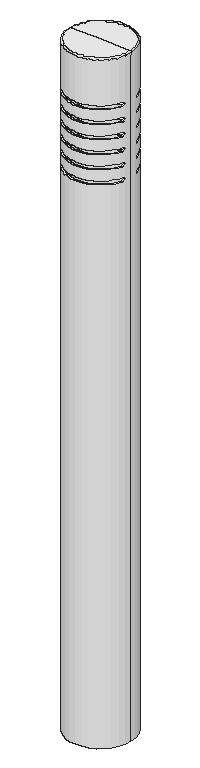
Revit family "NBS_CordekLtd_DschrgeAndVntltngStackTrmntns_GasVentingBollard-025", category Specialty Equipment, Revit 2014
Parameters
  Width = 110.00 mm
  Weight = "7.920 kg"
  WarrantyStartDate [instance] = "1900-12-31T23:59:59"
  WarrantyGuarantorParts = "n/a"
  WarrantyGuarantorLabor = "n/a"
  WarrantyDurationUnit = "year"
  WarrantyDurationParts = "n/a"
  WarrantyDurationLabor = "n/a"
  WarrantyDescription = "n/a"
  Version = "1"  # constant formula
  Uniclass2015Version = "Products v1.1"  # constant formula
  Uniclass2015Reference = "Pr_65_52_61_23"
  Uniclass2015Description = "Discharge and ventilating stack terminations"
  Uniclass2 = "90-62-24/422"
  TagNumber [instance] = "n/a"
  SustainabilityPerformance = "n/a"
  Size = "110 x 110 x 1100 mm"
  Shape = "Circular"
  SerialNumber [instance] = "n/a"
  Revision = "n/a"
  ReplacementCost = "n/a"
  Reference = "n/a"
  ProductInformation = "www.cordek.com/uploads/data_sheets/M-DS16_gas_venting_bollard_data_sheet_v2_cordek.pdf"
  NominalWidth = Width  # 110.00 mm
  NominalLength = Length  # 110.00 mm
  NominalHeight = Height  # 1100.00 mm
  Name = "DischargeAndVentilatingStackTerminations_GasVentingBollard-025_CordekLtd"
  NBSTypeID = "n/a"
  NBSReference = "90-10-60/437"
  NBSOfficeMasterTag = "n/a"
  NBSNote = "n/a"
  NBSDescription = "Discharge and ventilating stack terminations"
  NBSCertification = "http://www.nationalbimlibrary.com/cert/2a330jic"
  ModelReference = "Gas Venting Bollard - 025"
  ModelNumber = "CGV-025"
  Material = "Steel"
  ManufacturerURL = "www.cordek.com"
  ManufacturerName = "Cordek Ltd"  # constant formula
  Manufacturer = "info@cordek.com"  # constant formula
  Length = 110.00 mm
  InstallationDate [instance] = "1900-12-31T23:59:59"
  IfcExportType = "NOTDEFINED"  # constant formula
  IfcExportAs = "IfcStackTerminalType"  # constant formula
  Height = 1100.00 mm
  Grade = "n/a"
  FreeAirFlow = "25000 mm²"
  Finish = "Powder coated"
  Features = "Can be positioned at large centres due to high level of free air flow, high quality, robust construction, elevated vent position to avoid potential for water and/or debris ingress"
  ExpectedLife = "n/a"
  DurationUnit = "year"
  Description = "Powder coated gas venting bollard"
  Constituents = "n/a"
  ConnectionSizes = "n/a"
  ColourOptions = "Available in RAL colours"
  Color = "n/a"
  CodePerformance = "n/a"
  Category = "Pr_65_52_61_23:Discharge and ventilating stack terminations"
  BollardMaterial = NBS_Concept
  BarCode [instance] = "n/a"
  BIMObjectName = "NBS_CordekLtd_DischargeAndVentilatingStackTerminations_GasVentingBollard-025"
  Author = "NBS"  # constant formula
  AssetType = "Fixed"
  AssetIdentifier [instance] = "n/a"
  Arrangement = "Bollard with vents"
  Accessories = "Horizontal extension sleeve"
  AccessibilityPerformance = "n/a"
Reference planes
  plane 1 "Center (Front/Back)": y = 0
  plane 2: z = 0
  plane 3 "Center (Left/Right)": x = 0
  plane 4 "Top": z = 1100
  plane 5 "Left": x = -55
  plane 6 "Right": x = 55
  plane 7 "Back": y = 55
  plane 8 "Front": y = -55
Forms (mm)
  Revolve 1, solid, material "NBS_Concept" <- "BollardMaterial", detail levels medium+fine
    sketch origin (0, 0, 0) x (1, 0, 0) y (0, 0, 1)
      loop
        line (0, 1100) -> (-53, 1100)
        arc (-53, 1100) -> (-54.414, 1099.414) -> (-55, 1098) r 2
        line (-55, 1098) -> (-55, 0) -> (-52, 0) -> (-52, 1025) -> (0, 1025) -> (0, 1100)
      axis (0, 1100) -> (0, 0)
    angle from 0 to 360
  Extrusion 2, void
    sketch origin (0, 0, 0) x (0, 1, 0) y (0, 0, 1)
      loop
        line (60, 1025) -> (14.713, 1025)
        arc (14.713, 1025) -> (11.212, 1021.499) -> (14.713, 1017.998) r 3.501
        line (14.713, 1017.998) -> (60, 1017.998) -> (60, 1025)
      loop
        line (60, 1000.997) -> (14.713, 1000.997)
        arc (14.713, 1000.997) -> (11.212, 997.496) -> (14.713, 993.995) r 3.501
        line (14.713, 993.995) -> (60, 993.995) -> (60, 1000.997)
      loop
        line (60, 976.994) -> (14.713, 976.994)
        arc (14.713, 976.994) -> (11.212, 973.493) -> (14.713, 969.992) r 3.501
        line (14.713, 969.992) -> (60, 969.992) -> (60, 976.994)
      loop
        line (60, 952.991) -> (14.713, 952.991)
        arc (14.713, 952.991) -> (11.212, 949.49) -> (14.713, 945.989) r 3.501
        line (14.713, 945.989) -> (60, 945.989) -> (60, 952.991)
      loop
        line (60, 928.988) -> (14.713, 928.988)
        arc (14.713, 928.988) -> (11.212, 925.487) -> (14.713, 921.986) r 3.501
        line (14.713, 921.986) -> (60, 921.986) -> (60, 928.988)
      loop
        line (60, 904.985) -> (14.713, 904.985)
        arc (14.713, 904.985) -> (11.212, 901.484) -> (14.713, 897.983) r 3.501
        line (14.713, 897.983) -> (60, 897.983) -> (60, 904.985)
      loop
        line (-60, 1025) -> (-60, 1017.998) -> (-14.713, 1017.998)
        arc (-14.713, 1017.998) -> (-11.212, 1021.499) -> (-14.713, 1025) r 3.501
        line (-14.713, 1025) -> (-60, 1025)
      loop
        line (-60, 1000.997) -> (-60, 993.995) -> (-14.713, 993.995)
        arc (-14.713, 993.995) -> (-11.212, 997.496) -> (-14.713, 1000.997) r 3.501
        line (-14.713, 1000.997) -> (-60, 1000.997)
      loop
        line (-60, 976.994) -> (-60, 969.992) -> (-14.713, 969.992)
        arc (-14.713, 969.992) -> (-11.212, 973.493) -> (-14.713, 976.994) r 3.501
        line (-14.713, 976.994) -> (-60, 976.994)
      loop
        line (-60, 952.991) -> (-60, 945.989) -> (-14.713, 945.989)
        arc (-14.713, 945.989) -> (-11.212, 949.49) -> (-14.713, 952.991) r 3.501
        line (-14.713, 952.991) -> (-60, 952.991)
      loop
        line (-60, 928.988) -> (-60, 921.986) -> (-14.713, 921.986)
        arc (-14.713, 921.986) -> (-11.212, 925.487) -> (-14.713, 928.988) r 3.501
        line (-14.713, 928.988) -> (-60, 928.988)
      loop
        line (-60, 904.985) -> (-60, 897.983) -> (-14.713, 897.983)
        arc (-14.713, 897.983) -> (-11.212, 901.484) -> (-14.713, 904.985) r 3.501
        line (-14.713, 904.985) -> (-60, 904.985)
    from -65 to 65
  Revolve 3, solid, material "NBS_Concept" <- "BollardMaterial", detail levels coarse
    sketch origin (0, 0, 0) x (1, 0, 0) y (0, 0, 1)
      loop
        line (0, 1100) -> (-55, 1100) -> (-55, 0) -> (-52, 0) -> (-52, 1025) -> (0, 1025) -> (0, 1100)
      axis (0, 0) -> (0, 1100)
    angle from 0 to 360
  Extrusion 4, void
    sketch origin (0, 0, 0) x (0, 1, 0) y (0, 0, 1)
      loop
        line (60, 1025) -> (14.713, 1025)
        arc (14.713, 1025) -> (12.238, 1023.975) -> (11.212, 1021.499) r 3.501
        line (11.212, 1021.499) -> (11.212, 901.484)
        arc (11.212, 901.484) -> (12.238, 899.009) -> (14.713, 897.983) r 3.501
        line (14.713, 897.983) -> (60, 897.983) -> (60, 1025)
      loop
        line (-60, 1025) -> (-60, 897.983) -> (-14.713, 897.983)
        arc (-14.713, 897.983) -> (-12.238, 899.009) -> (-11.212, 901.484) r 3.501
        line (-11.212, 901.484) -> (-11.212, 1021.499)
        arc (-11.212, 1021.499) -> (-12.238, 1023.975) -> (-14.713, 1025) r 3.501
        line (-14.713, 1025) -> (-60, 1025)
    from -65 to 65.388
Cuts and joins
  Extrusion 2 cuts Revolve 1
  Extrusion 4 cuts Revolve 3
Dimensions and locks
  "Height": plane 4 "Top" to level
  equal spacing: plane 7 "Back", plane 1 "Center (Front/Back)", plane 8 "Front"
  "Width": plane 7 "Back" to plane 8 "Front"
  equal spacing: plane 5 "Left", plane 3 "Center (Left/Right)", plane 6 "Right"
  "Length": plane 5 "Left" to plane 6 "Right"
  aligned and locked: level to plane 2
  aligned and locked: Revolve 1 sketch curve to plane 3 "Center (Left/Right)"  (x2)
  aligned and locked: plane 4 "Top" to Revolve 1 sketch curve
  aligned and locked: level to Revolve 1 sketch curve
  aligned and locked: Revolve 3 sketch curve to plane 4 "Top"
  aligned and locked: plane 5 "Left" to Revolve 3 sketch curve
  aligned and locked: Revolve 3 sketch curve to level
  aligned and locked: plane 3 "Center (Left/Right)" to Revolve 3 sketch curve
Automatic sketch dimensions
  plane 1 "Center (Front/Back)" to Extrusion 2 sketch curve = 60.00 mm  (x2)
  Extrusion 2 sketch curve to Extrusion 2 sketch curve = 0.00 mm  (x9)
  plane 1 "Center (Front/Back)" to Extrusion 2 sketch curve = 14.713 mm  (x6)
  Extrusion 2 sketch curve to plane 1 "Center (Front/Back)" = 14.713 mm  (x6)
  Extrusion 2 sketch curve to Extrusion 2 sketch curve = 45.287 mm  (x2)
  plane 4 "Top" to Extrusion 2 sketch curve = 202.017 mm
  Extrusion 2 sketch curve to Extrusion 2 sketch curve = 3.501 mm  (x12)
  Extrusion 2 sketch curve to Extrusion 2 sketch curve = 17.002 mm  (x10)
  Extrusion 4 sketch curve to plane 8 "Front" = 5.00 mm
  plane 1 "Center (Front/Back)" to Extrusion 4 sketch curve = 14.713 mm  (x2)
  Extrusion 4 sketch curve to Extrusion 4 sketch curve = 3.501 mm  (x4)
  Extrusion 4 sketch curve to plane 1 "Center (Front/Back)" = 11.212 mm
  Extrusion 4 sketch curve to plane 7 "Back" = 5.00 mm
  plane 4 "Top" to Extrusion 4 sketch curve = 202.017 mm
  plane 4 "Top" to Extrusion 4 sketch curve = 78.501 mm
  Extrusion 4 sketch curve to Extrusion 4 sketch curve = 0.00 mm
  Revolve 3 sketch curve to plane 3 "Center (Left/Right)" = 0.00 mm
  plane 4 "Top" to Revolve 3 sketch curve = 75.00 mm
  Revolve 3 sketch curve to plane 5 "Left" = 3.00 mm
  level to Revolve 3 sketch curve = 110.00 mm
  plane 5 "Left" to Revolve 1 sketch curve = 0.00 mm
  Revolve 1 sketch curve to plane 5 "Left" = 2.00 mm
  Revolve 1 sketch curve to plane 5 "Left" = 3.00 mm
  Revolve 1 sketch curve to Revolve 1 sketch curve = 73.00 mm
  Revolve 1 sketch curve to Revolve 1 sketch curve = 245.00 mm
  Revolve 1 sketch curve to Revolve 1 sketch curve = 15.00 mm
  Revolve 3 sketch curve to Revolve 3 sketch curve = 265.00 mm
Connectors
  piping at (0, 0, 0), diameter 110
    settings: on cut or joined group of Revolve 1, Extrusion 2, index 1, connector inside diameter 609.6 mm, connector length 0.00 mm, flow factor 0, pipe flow 0.0 L/s, pressure drop 0.0 Pa, fitting loss kfactor 0, connector angle 0.00°, fixture units 0, engagement length 0.00 mm, angle of deflection 0.00°, flow configuration 0, flow direction 1, fitting loss method 0, system type 17, joint type 0, gender type 0, connector reference index -1, connector utility 0, adjustable connector no, is connector primary yes, connector description ""
